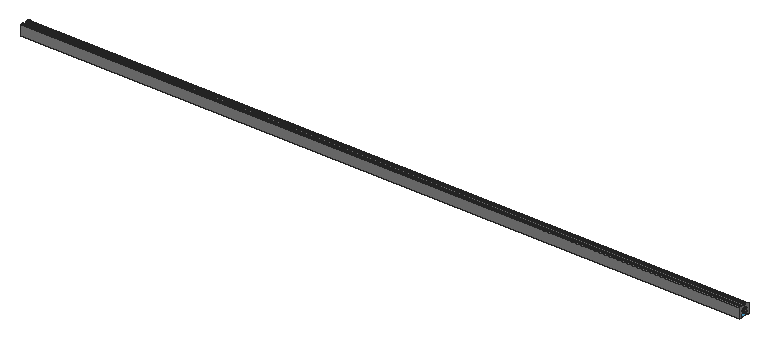
Revit family "P3535.25", category Luminarias, Revit 2019
Family settings
  Cota de conector redondo = Diámetro de uso
  Tipo de pieza = Normal
  Se basa en plano de trabajo = Sí
  Siempre vertical = No
  Corte con vacíos al cargar = No
  Origen de luz = No
  Compartido = No
  Punto de cálculo de habitación = No
Parameters (values of type "P3535.25")
  Zone [instance] = ""
  Watt per fixture [instance] = (Longitud / 1000 mm) * (10.6)  # 26.5
  Modelo = "P3535.25"
  Lámpara = "Tablilla"
  Longitud [instance] = 2500 mm
  Fabricante = "BRILLANT"
  Default Elevation = 0 mm
  Descripción = "PERFIL DE ALUMINIO PARA SUSPENDER, EMPOTRAR Y SOBREPONER DE 2.5M DE PERFIL CON UN MATERIAL DE ALUMINIO ANODIZADO Y DIMENSIONES DE 35X35MM PESO DE 1.99KG POR PERFIL, TABLILLA LED CON UNA POTENCIA DE 10.6W, TEMPERATURA DE COLOR A BLANCO CALIDO 3000K, TABLILLA DE 499MM CORTE A CADA 100MM/14 LEDs, 1060lm/pcs, IRC 80, ALIMENTADO A 24V. REQUIERE ACCESORIOS."
  Costo USD_P3535.25 [instance] = (Longitud / 2500 mm) * (77.95)  # 77.95
  Costo = 0
  Comentarios de vataje = "24V"
  Circuit [instance] = ""
Reference planes
  plane 1 "Centro (Frontal/Posterior)": y = 0
  plane 2: z = 0
  plane 3 "Centro (Izquierda/Derecha)": x = 0
  plane 4: x = 0
  plane 5: z = 35
  plane 6: x = -2500
  plane 7: y = 17.5
  plane 8: y = -17.5
Forms (mm)
  Extrusion 1, solid, material "Default Floor"
    sketch origin (0, 0, 0) x (0, 1, 0) y (0, 0, 1)
      loop
        line (-8.748, 31.312) -> (-8.748, 33.234) -> (-5.439, 33.234) -> (-5.439, 35) -> (-12.591, 35) -> (-12.591, 31.312) -> (-14.923, 31.312) -> (-14.923, 33.798) -> (-15.765, 35) -> (-16.623, 35) -> (-17.5, 34.123) -> (-17.5, 0) -> (-13.502, 0) -> (-13.502, 0.8) -> (-14.667, 0.8) -> (-14.667, 1.6) -> (-12.785, 1.6) -> (-12.785, 2.494) -> (-15.031, 2.494) -> (-15.031, 3.616) -> (-12.785, 3.616) -> (-12.785, 4.416) -> (-16.669, 4.416) -> (-16.669, 13.495) -> (-12.25, 13.495) -> (-12.25, 17.356) -> (-13.05, 17.356) -> (-13.05, 16.401) -> (-16.669, 16.401) -> (-16.669, 25.28) -> (-13.162, 25.28) -> (-13.162, 24.164) -> (-12.25, 24.164) -> (-12.25, 26.726) -> (-16.669, 26.726) -> (-16.669, 28.95) -> (16.669, 28.95) -> (16.669, 26.726) -> (12.25, 26.726) -> (12.25, 24.164) -> (13.162, 24.164) -> (13.162, 25.28) -> (16.669, 25.28) -> (16.669, 16.401) -> (13.05, 16.401) -> (13.05, 17.356) -> (12.25, 17.356) -> (12.25, 13.495) -> (16.669, 13.495) -> (16.669, 4.416) -> (12.785, 4.416) -> (12.785, 3.616) -> (15.031, 3.616) -> (15.031, 2.494) -> (12.785, 2.494) -> (12.785, 1.6) -> (14.667, 1.6) -> (14.667, 0.8) -> (13.502, 0.8) -> (13.502, 0) -> (17.5, 0) -> (17.5, 34.123) -> (16.623, 35) -> (15.765, 35) -> (14.923, 33.798) -> (14.923, 31.312) -> (12.591, 31.312) -> (12.591, 35) -> (5.439, 35) -> (5.439, 33.234) -> (8.748, 33.234) -> (8.748, 31.312) -> (-8.748, 31.312)
    from -2500 to 0
  Extrusion 2, solid, material "Cristal"
    sketch origin (0, 0, 0) x (0, 1, 0) y (0, 0, 1)
      loop
        line (-14.667, 1.6) -> (-14.667, 0.8) -> (14.667, 0.8) -> (14.667, 1.6) -> (-14.667, 1.6)
    from -2500 to 0
Dimensions and locks
  "Longitud": plane 6 to plane 4
  equal spacing: plane 7, plane 1 "Centro (Frontal/Posterior)", plane 8
  plane 7 to plane 1 "Centro (Frontal/Posterior)" = 17.5 mm
  plane 8 to plane 7 = 35 mm
  plane 5 to level = 35 mm
  aligned and locked: level to plane 2
  aligned and locked: plane 6 to Extrusion 1
  aligned and locked: plane 3 "Centro (Izquierda/Derecha)" to Extrusion 1
  aligned and locked: plane 6 to Extrusion 2
  aligned and locked: plane 3 "Centro (Izquierda/Derecha)" to Extrusion 2
Automatic sketch dimensions
  plane 7 to Extrusion 1 sketch curve = 35 mm
  Extrusion 1 sketch curve to Extrusion 1 sketch curve = 0.831 mm  (x2)
  Extrusion 1 sketch curve to Extrusion 1 sketch curve = 0 mm  (x6)
  Extrusion 1 sketch curve to Extrusion 1 sketch curve = 0.877 mm  (x2)
  Extrusion 1 sketch curve to Extrusion 1 sketch curve = 0.859 mm  (x2)
  Extrusion 1 sketch curve to Extrusion 1 sketch curve = 1.639 mm  (x2)
  Extrusion 1 sketch curve to Extrusion 1 sketch curve = 0.842 mm  (x2)
  Extrusion 1 sketch curve to Extrusion 1 sketch curve = 0.364 mm  (x2)
  Extrusion 1 sketch curve to Extrusion 1 sketch curve = 1.164 mm  (x2)
  Extrusion 1 sketch curve to Extrusion 1 sketch curve = 3.508 mm  (x2)
  Extrusion 1 sketch curve to Extrusion 1 sketch curve = 3.619 mm
  Extrusion 1 sketch curve to Extrusion 1 sketch curve = 0.717 mm  (x2)
  Extrusion 1 sketch curve to Extrusion 1 sketch curve = 2.332 mm  (x2)
  Extrusion 1 sketch curve to Extrusion 1 sketch curve = 0.8 mm  (x8)
  Extrusion 1 sketch curve to Extrusion 1 sketch curve = 0.912 mm  (x2)
  Extrusion 1 sketch curve to Extrusion 1 sketch curve = 3.843 mm  (x2)
  Extrusion 1 sketch curve to Extrusion 1 sketch curve = 3.309 mm  (x2)
  Extrusion 1 sketch curve to Extrusion 1 sketch curve = 10.877 mm
  Extrusion 1 sketch curve to Extrusion 1 sketch curve = 3.502 mm
  Extrusion 1 sketch curve to Extrusion 1 sketch curve = 0.535 mm
  Extrusion 1 sketch curve to plane 5 = 35 mm  (x2)
  Extrusion 1 sketch curve to Extrusion 1 sketch curve = 0.894 mm  (x2)
  Extrusion 1 sketch curve to Extrusion 1 sketch curve = 1.123 mm  (x2)
  Extrusion 1 sketch curve to Extrusion 1 sketch curve = 9.079 mm  (x2)
  Extrusion 1 sketch curve to Extrusion 1 sketch curve = 2.906 mm  (x2)
  Extrusion 1 sketch curve to Extrusion 1 sketch curve = 0.955 mm  (x2)
  Extrusion 1 sketch curve to Extrusion 1 sketch curve = 6.808 mm  (x2)
  Extrusion 1 sketch curve to Extrusion 1 sketch curve = 1.116 mm  (x2)
  Extrusion 1 sketch curve to Extrusion 1 sketch curve = 1.446 mm  (x2)
  Extrusion 1 sketch curve to Extrusion 1 sketch curve = 2.225 mm
  Extrusion 1 sketch curve to Extrusion 1 sketch curve = 4.586 mm
  Extrusion 1 sketch curve to Extrusion 1 sketch curve = 2.362 mm
  Extrusion 1 sketch curve to Extrusion 1 sketch curve = 1.921 mm  (x2)
  Extrusion 1 sketch curve to Extrusion 1 sketch curve = 2.485 mm  (x2)
  Extrusion 1 sketch curve to Extrusion 1 sketch curve = 0.326 mm  (x2)
  Extrusion 1 sketch curve to Extrusion 1 sketch curve = 1.202 mm  (x3)
  Extrusion 1 sketch curve to Extrusion 1 sketch curve = 1.766 mm
  level to Extrusion 2 sketch curve = 0.8 mm
  Extrusion 2 sketch curve to plane 8 = 2.833 mm
  plane 7 to Extrusion 2 sketch curve = 2.833 mm
  Extrusion 2 sketch curve to Extrusion 2 sketch curve = 0.8 mm
Connectors
  electrical at (0, 0, 18.61)
    settings: on Extrusion 1, index 1, voltage 24 V, apparent load 0 VA, apparent load phase1 0 VA, apparent load phase2 0 VA, apparent load phase3 0 VA, power factor 1, load classification "Otro", number of poles 1, system type 31, power factor state 1, is connector primary yes, connector utility no, sub classification motor no, connector description ""
